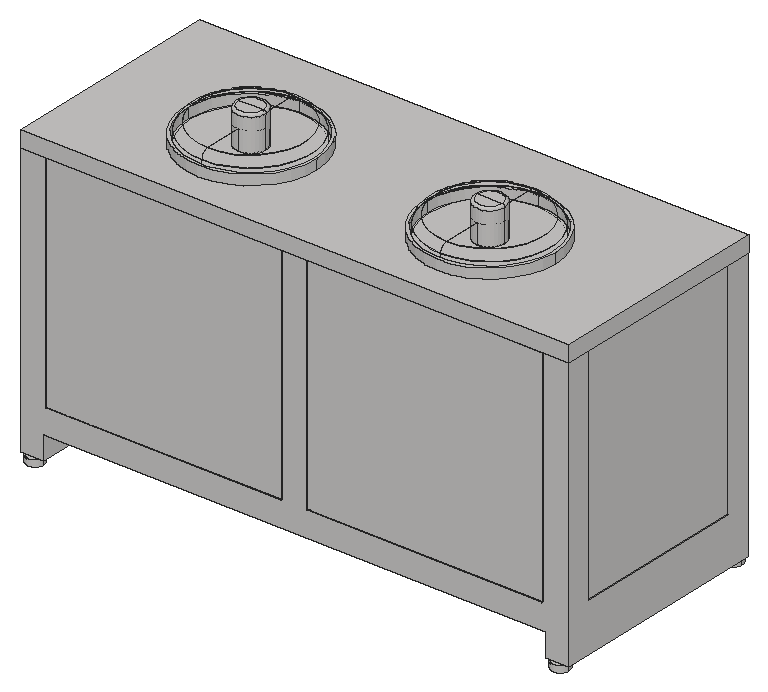
Revit family "QF_NuovAIR_CU-N300T2----", category Specialty Equipment, Revit 2019
Family settings
  Round Connector Dimension = Use Diameter
  Part Type = Normal
  Work Plane-Based = No
  Always vertical = Yes
  Cut with Voids When Loaded = No
  Shared = No
  Room Calculation Point = No
Parameters (values of type "CU-N300T2_400V 50A")
  Weight = 571.00 kg
  Volts = 400 V
  Volt Free Conn = no
  URL Manufacturer = "https://www.nuovair.com/"
  URL Cutsheet = "N300T2-en-1.pdf"
  URL = ""
  Show Logo [instance] = yes
  Show Clearance [instance] = no
  Refrigeration Suction Line Size = 42 mm
  Refrigeration Liquid Line Size = 22 mm
  Refrigeration Energy Efficiency Index = ""
  Refrigeration Climate Class = ""
  Refrigerant Type = "R452a"
  Refrigerant Compressor Remote = no
  Potential Equalisation = yes
  Phase = 3
  Number of Poles = 3
  Model = "CU-N300T2"
  Mat_Legs = QF_Stainless-Brushed
  Mat_Clearance = QF_Clearance
  Mat_Case = QF_Stainless-Brushed
  Masterspec = ""
  Manufacturer = "NUOVAIR"
  Main switch integrated = no
  Length Actual = 2200 mm  # constant formula
  Legs_R = 35 mm  # constant formula
  Keynote = "0"
  Item Number = "CU-N300T2"
  Identify Quantity as Lot = no
  Horse Power = "20"
  Height Actual = 1325 mm  # constant formula
  Foodservice Equipment Identifier = yes
  Energy Efficiency Labelling = ""
  FL Amps = 34 A
  Electric power = 17000000 W
  Elec Connection Height = 400 mm
  Ele_Note = ""
  Direct Waste Size = 0 mm
  Direct Waste Connection Height = 0 mm
  Description = "Condensing Unit"
  Description_FR = ""
  Description_ES = ""
  Description_EN = ""
  Description_DE = ""
  Depth Actual = 900 mm  # constant formula
  Cycle = 50 Hz
  Conn Plug = "terminal block"
  CE Approved = yes
  Author = ""
  Accessory = no
Types (3, lengths in mm): name | Volts | FL Amps | Cycle
  CU-N300T2_400V 50A | 400 V | 34 A | 50 Hz
  CU-N300T2_440V 60A | 440 V | 37.5 A | 60 Hz
  CU-N300T2_230V 60A | 230 V | 71 A | 60 Hz
Reference planes
  plane 1 "Center (Front/Back)": y = 0
  plane 2: z = 0
  plane 3 "Center (Left/Right)": x = 0
  plane 4 "SX": x = -1100
  plane 5 "DX": x = 1100
  plane 6: y = -900
  plane 7: y = -1400
  plane 8 "top": z = 1325
  plane 9: y = 500
  plane 10: x = 1600
  plane 11: x = -1600
  plane 12 "Base": z = 120
  plane 13: z = 1120
  plane 14 "Logo_N": z = 25
  plane 15: x = -1056
  plane 16: x = 1056
  plane 17: y = -15
  plane 18: y = -885
  plane 19: z = 1185
  plane 20 "Ventilator_X_01": x = -480
  plane 21 "Ventilator_X_02": x = 480
  plane 22 "Ventilatyor_Y": y = -520
  plane 23: z = 220
  plane 24: y = -100
  plane 25: y = -800
  plane 26: x = -1000
  plane 27: x = -50
  plane 28: x = 50
  plane 29: x = 1000
Forms (mm)
  Extrusion 1, solid, material "QF_Clearance" <- "Mat_Clearance", visible <- "Show Clearance"
    sketch origin (0, 0, 0) x (1, 0, 0) y (0, 1, 0)
      loop
        line (-1100, 500) -> (-1100, -1400) -> (1100, -1400) -> (1100, 500) -> (-1100, 500)
    from 0 to 1325
  Extrusion 2, solid, material "QF_Clearance" <- "Mat_Clearance", visible <- "Show Clearance"
    sketch origin (0, 0, 0) x (1, 0, 0) y (0, 1, 0)
      loop
        line (-1100, 0) -> (-1100, -900) -> (1100, -900) -> (1100, 0) -> (-1100, 0)
    from 0 to 1325
  Extrusion 3, solid, material "QF_Stainless-Brushed" <- "Mat_Case", detail levels medium+fine
    sketch origin (0, 0, 120) x (-1, 0, 0) y (0, -1, 0)
      loop
        line (1100, 0) -> (1100, 900) -> (-1100, 900) -> (-1100, 0) -> (1100, 0)
    from 0 to 1000
  Extrusion 4, solid, material "QF_Clearance", visible <- "Show Clearance"
    sketch origin (0, 0, 0) x (1, 0, 0) y (0, 1, 0)
      loop
        line (-1600, -900) -> (1600, -900) -> (1600, 0) -> (-1600, 0) -> (-1600, -900)
    from 0 to 1325
  Extrusion 5, solid, material "QF_Stainless-Brushed" <- "Mat_Legs", detail levels medium+fine
    sketch origin (0, 0, 0) x (1, 0, 0) y (0, 1, 0)
      loop
        circle (-1056, -15) r 35
      loop
        circle (1056, -15) r 35
      loop
        circle (-1056, -885) r 35
      loop
        circle (1056, -885) r 35
    from 0 to 25
  Extrusion 6, solid, material "QF_Stainless-Brushed" <- "Mat_Case", detail levels medium+fine
    sketch origin (0, 0, 120) x (-1, 0, 0) y (0, -1, 0)
      loop
        line (1100, 900) -> (1010, 900) -> (1010, 0) -> (1100, 0) -> (1100, 900)
      loop
        line (-1010, 900) -> (-1100, 900) -> (-1100, 0) -> (-1010, 0) -> (-1010, 900)
    from -95 to 0
  Extrusion 7, solid, material "QF_Stainless-Brushed", detail levels medium+fine
    sketch origin (-1430.553, -1524, 1120) x (-1, 0, 0) y (0, -1, 0)
      loop
        line (-328.553, -1526) -> (-328.553, -622) -> (-2532.553, -622) -> (-2532.553, -1526) -> (-328.553, -1526)
    from 0 to 65
  Sweep 8, void
    path origin (-909.885, -900, 4000) x (-1, 0, 0) y (0, 0, 1)
      loop
        line (90.115, -2880) -> (90.115, -3780) -> (-859.885, -3780) -> (-859.885, -2880)
    profile "PRF_scalpel : PRF_scalpel" origin (-1000, -900, 670) x (-1, 0, 0) y (0, 1, 0)
      loop
        line (0, 1) -> (-2, -1) -> (-2, -51) -> (2, -51) -> (2, -1) -> (0, 1)
  Sweep 9, void
    path origin (950.115, -900, 4000) x (-1, 0, 0) y (0, 0, 1)
      loop
        line (-49.885, -2880) -> (-49.885, -3780) -> (900.115, -3780) -> (900.115, -2880)
    profile "PRF_scalpel : PRF_scalpel" origin (1000, -900, 670) x (-1, 0, 0) y (0, 1, 0)
      loop
        line (0, 1) -> (-2, -1) -> (-2, -51) -> (2, -51) -> (2, -1) -> (0, 1)
  Sweep 10, void
    path origin (0, 0, 0) x (1, 0, 0) y (0, 0, 1)
      loop
        line (1000, 1120) -> (1000, 220) -> (50, 220) -> (50, 1120)
    profile "PRF_scalpel : PRF_scalpel" origin (1000, 0, 670) x (1, 0, 0) y (0, -1, 0)
      loop
        line (0, 1) -> (-2, -1) -> (-2, -51) -> (2, -51) -> (2, -1) -> (0, 1)
  Sweep 11, void
    path origin (-1860, 0, 0) x (1, 0, 0) y (0, 0, 1)
      loop
        line (860, 1120) -> (860, 220) -> (1810, 220) -> (1810, 1120)
    profile "PRF_scalpel : PRF_scalpel" origin (-1000, 0, 670) x (1, 0, 0) y (0, -1, 0)
      loop
        line (0, 1) -> (-2, -1) -> (-2, -51) -> (2, -51) -> (2, -1) -> (0, 1)
  Sweep 12, void
    path origin (-1100, -279.553, 4000) x (0, 1, 0) y (0, 0, 1)
      loop
        line (-520.447, -2880) -> (-520.447, -3780) -> (179.553, -3780) -> (179.553, -2880)
    profile "PRF_scalpel : PRF_scalpel" origin (-1100, -800, 670) x (0, 1, 0) y (1, 0, 0)
      loop
        line (0, 1) -> (-2, -1) -> (-2, -51) -> (2, -51) -> (2, -1) -> (0, 1)
  Sweep 13, void
    path origin (1100, 640.447, 4000) x (0, 1, 0) y (0, 0, 1)
      loop
        line (-740.447, -2880) -> (-740.447, -3780) -> (-1440.447, -3780) -> (-1440.447, -2880)
    profile "PRF_scalpel : PRF_scalpel" origin (1100, -100, 670) x (0, 1, 0) y (1, 0, 0)
      loop
        line (0, -1) -> (2, 1) -> (2, 51) -> (-2, 51) -> (-2, 1) -> (0, -1)
Cuts and joins
  joined: Extrusion 1, Extrusion 2
  Sweep 8, Sweep 9, Sweep 10, Sweep 11, Sweep 12, Sweep 13 cuts Extrusion 3
  joined: Extrusion 3, Extrusion 6
Lines and regions (mm)
  model lines, style "InvisibleLines"
    curve 1: line (-50, 0, 0) -> (50, 0, 0)
    curve 2: line (0, 50, 0) -> (0, -50, 0)
  model lines, style "QF_Case", detail levels coarse
    curve 3: line (-1100, 0, 0) -> (1100, 0, 0)
    curve 4: line (-1100, -900, 0) -> (-1100, 0, 0)
    curve 5: line (1100, -900, 0) -> (-1100, -900, 0)
    curve 6: line (1100, 0, 0) -> (1100, -900, 0)
    curve 7: line (1100, -900, 1325) -> (1100, -900, 0)
    curve 8: line (1100, 0, 1325) -> (1100, 0, 0)
    curve 9: line (-1100, -900, 1325) -> (-1100, -900, 0)
    curve 10: line (-1100, 0, 1325) -> (-1100, 0, 0)
    curve 11: line (-1100, 0, 1325) -> (1100, 0, 1325)
    curve 12: line (-1100, -900, 1325) -> (-1100, 0, 1325)
    curve 13: line (1100, -900, 1325) -> (-1100, -900, 1325)
    curve 14: line (1100, 0, 1325) -> (1100, -900, 1325)
Dimensions and locks
  curve 1 to plane 3 "Center (Left/Right)" to curve 1 = 50 mm locked, 50 mm locked
  curve 2 to plane 1 "Center (Front/Back)" to curve 2 = 50 mm locked, 50 mm locked
  "Height Actual": plane 8 "top" to level
  "Depth Actual": plane 6 to plane 1 "Center (Front/Back)"
  equal spacing: plane 4 "SX", plane 3 "Center (Left/Right)", plane 5 "DX"
  "Length Actual": plane 4 "SX" to plane 5 "DX"
  plane 6 to plane 1 "Center (Front/Back)" = 900 mm
  locked: plane 1 "Center (Front/Back)" to plane 9 at 500
  locked: plane 6 to plane 7 at 500
  locked: plane 5 "DX" to plane 10 at 500
  locked: plane 11 to plane 4 "SX" at 500
  locked: plane 12 "Base" to Extrusion 4 at 120
  locked: plane 14 "Logo_N" to plane 2 at 25
  locked: plane 4 "SX" to plane 15 at 44
  locked: plane 16 to plane 5 "DX" at 44
  locked: plane 17 to plane 1 "Center (Front/Back)" at 15
  locked: plane 4 "SX" to Extrusion 6 sketch curve at 90
  locked: Extrusion 6 sketch curve to plane 5 "DX" at 90
  locked: Extrusion 7 sketch curve to plane 4 "SX" at 2
  locked: plane 5 "DX" to Extrusion 7 sketch curve at 2
  locked: plane 1 "Center (Front/Back)" to Extrusion 7 sketch curve at 2
  locked: plane 18 to plane 6 at 15
  locked: plane 13 to plane 12 "Base" at 1000
  locked: plane 19 to plane 13 at 65
  locked: plane 8 "top" to plane 19 at 140
  locked: plane 6 to Extrusion 7 sketch curve at 2
  locked: plane 20 "Ventilator_X_01" to plane 3 "Center (Left/Right)" at 480
  locked: plane 3 "Center (Left/Right)" to plane 21 "Ventilator_X_02" at 480
  locked: plane 22 "Ventilatyor_Y" to plane 6 at 380
  locked: plane 23 to plane 12 "Base" at 100
  locked: plane 24 to plane 1 "Center (Front/Back)" at 100
  locked: plane 25 to plane 6 at 100
  locked: plane 4 "SX" to plane 26 at 100
  locked: plane 4 "SX" to plane 27 at 1050
  locked: plane 29 to plane 5 "DX" at 100
  locked: plane 28 to plane 5 "DX" at 1050
  "Legs_R": radius of Extrusion 5 sketch curve  (x4)
  aligned and locked: level to plane 2
  aligned and locked: plane 4 "SX" to Extrusion 1 sketch curve
  aligned and locked: plane 7 to Extrusion 1 sketch curve
  aligned and locked: Extrusion 1 sketch curve to plane 5 "DX"
  aligned and locked: plane 8 "top" to Extrusion 1
  aligned and locked: plane 1 "Center (Front/Back)" to curve 3
  aligned and locked: plane 6 to curve 5
  aligned and locked: curve 6 to plane 5 "DX"
  aligned and locked: plane 4 "SX" to curve 4
  aligned and locked: plane 8 "top" to curve 8
  aligned and locked: plane 8 "top" to curve 7
  aligned and locked: plane 8 "top" to curve 10
  aligned and locked: plane 8 "top" to curve 9
  aligned and locked: level to curve 8
  aligned and locked: level to curve 7
  aligned and locked: level to curve 10
  aligned and locked: level to curve 9
  aligned and locked: curve 8 to plane 1 "Center (Front/Back)"
  aligned and locked: curve 10 to plane 1 "Center (Front/Back)"
  aligned and locked: plane 6 to curve 7
  aligned and locked: plane 6 to curve 9
  aligned and locked: plane 1 "Center (Front/Back)" to Extrusion 2 sketch curve
  aligned and locked: plane 6 to Extrusion 2 sketch curve
  aligned and locked: plane 8 "top" to Extrusion 2
  aligned and locked: plane 1 "Center (Front/Back)" to curve 11
  aligned and locked: plane 6 to curve 13
  aligned and locked: plane 1 "Center (Front/Back)" to Extrusion 3 sketch curve
  aligned and locked: Extrusion 3 sketch curve to plane 5 "DX"
  aligned and locked: plane 4 "SX" to Extrusion 3 sketch curve
  aligned and locked: Extrusion 1 sketch curve to plane 9
  aligned and locked: Extrusion 4 sketch curve to plane 11
  aligned and locked: plane 10 to Extrusion 4 sketch curve
  aligned and locked: Extrusion 4 sketch curve to plane 6
  aligned and locked: Extrusion 4 sketch curve to plane 1 "Center (Front/Back)"
  aligned and locked: plane 8 "top" to Extrusion 4
  aligned and locked: Extrusion 4 to level
  aligned and locked: Extrusion 3 to plane 12 "Base"
  aligned and locked: plane 13 to Extrusion 3
  aligned and locked: plane 15 to Extrusion 5 sketch curve  (x2)
  aligned and locked: plane 16 to Extrusion 5 sketch curve  (x2)
  aligned and locked: plane 18 to Extrusion 5 sketch curve  (x2)
  aligned and locked: plane 17 to Extrusion 5 sketch curve  (x2)
  aligned and locked: Extrusion 5 to level
  aligned and locked: plane 14 "Logo_N" to Extrusion 5
  aligned and locked: Extrusion 6 sketch curve to plane 4 "SX"
  aligned and locked: plane 5 "DX" to Extrusion 6 sketch curve
  aligned and locked: Extrusion 6 sketch curve to plane 1 "Center (Front/Back)"  (x2)
  aligned and locked: Extrusion 6 to plane 14 "Logo_N"
  aligned and locked: plane 12 "Base" to Extrusion 6
  aligned and locked: Extrusion 7 to plane 13
  aligned and locked: plane 5 "DX" to nested 3
  aligned and locked: plane 1 "Center (Front/Back)" to nested 3
  aligned and locked: Extrusion 6 sketch curve to plane 6  (x2)
  aligned and locked: plane 6 to Extrusion 3 sketch curve
  aligned and locked: plane 19 to Extrusion 7
  aligned and locked: plane 21 "Ventilator_X_02" to nested 5
  aligned and locked: plane 22 "Ventilatyor_Y" to nested 5
  aligned and locked: plane 22 "Ventilatyor_Y" to nested 4
  aligned and locked: nested 4 to plane 20 "Ventilator_X_01"
  aligned and locked: nested 1 to plane 4 "SX"
  aligned and locked: plane 6 to nested 1
  aligned and locked: nested 2 to plane 4 "SX"
  aligned and locked: plane 6 to nested 2
  aligned and locked: plane 13 to Sweep 8 sketch curve  (x2)
  aligned and locked: plane 23 to Sweep 8 sketch curve  (x2)
  aligned and locked: Sweep 8 sketch curve to plane 26
  aligned and locked: plane 13 to Sweep 9 sketch curve  (x2)
  aligned and locked: plane 23 to Sweep 9 sketch curve
  aligned and locked: Sweep 9 sketch curve to plane 29
  aligned and locked: plane 13 to Sweep 10 sketch curve  (x2)
  aligned and locked: plane 23 to Sweep 10 sketch curve  (x2)
  aligned and locked: plane 29 to Sweep 10 sketch curve
  aligned and locked: plane 13 to Sweep 11 sketch curve  (x2)
  aligned and locked: plane 23 to Sweep 11 sketch curve
  aligned and locked: plane 26 to Sweep 11 sketch curve
  aligned and locked: plane 13 to Sweep 12 sketch curve  (x2)
  aligned and locked: plane 23 to Sweep 12 sketch curve
  aligned and locked: plane 25 to Sweep 12 sketch curve
  aligned and locked: plane 13 to Sweep 13 sketch curve  (x2)
  aligned and locked: plane 23 to Sweep 13 sketch curve
  aligned and locked: Sweep 13 sketch curve to plane 24
  aligned and locked: Sweep 8 sketch curve to plane 27
  aligned and locked: Sweep 9 sketch curve to plane 28
  aligned and locked: Sweep 9 sketch curve to plane 23
  aligned and locked: plane 27 to Sweep 11 sketch curve
  aligned and locked: Sweep 11 sketch curve to plane 23
  aligned and locked: plane 28 to Sweep 10 sketch curve
  aligned and locked: Sweep 12 sketch curve to plane 23
  aligned and locked: plane 24 to Sweep 12 sketch curve
  aligned and locked: Sweep 13 sketch curve to plane 25
  aligned and locked: Sweep 13 sketch curve to plane 23
Automatic sketch dimensions
  curve 2 to plane 3 "Center (Left/Right)" = 0 mm
  plane 1 "Center (Front/Back)" to curve 1 = 0 mm
  curve 11 to plane 5 "DX" = 0 mm
  curve 13 to plane 4 "SX" = 0 mm
  Extrusion 2 sketch curve to plane 4 "SX" = 0 mm
  Extrusion 2 sketch curve to plane 5 "DX" = 0 mm
Nested families
  nested 1: "Connection_DxSx" at (-1100, -900, 882) x (-1, 0, 0) z (0, 0, 1), type "KTM", not visible
    with Width_DX 0 mm, Width Offset 0 mm, Depth Offset 60 mm, DX no
  nested 2: "Connection_DxSx" at (-1100, -900, 280) x (-1, 0, 0) z (0, 0, 1), type "KTM", not visible
    with Width_DX 0 mm, Width Offset 0 mm, Depth Offset 60 mm, DX no
  nested 3: "Connection_DxSx" at (1100, 0, 400), built-in parameter 1001364 <- "Elec Connection Height", type "KTM", not visible
    with Width_DX 0 mm, Width Offset 0 mm, Depth Offset 60 mm, DX no
  nested 4: "Ventilator_A" at (-480, -520, 1185) x (-1, 0, 0) z (0, 0, 1), Mat_A <- "Mat_Case", Mat_B <- "Mat_Case", type "Ventilator_A", detail levels medium+fine
    with Mat_C QF_Cross20x20, Mat_B QF_Stainless-Brushed, Mat_A QF_Stainless-Brushed
  nested 5: "Ventilator_A" at (480, -520, 1185) x (-1, 0, 0) z (0, 0, 1), Mat_A <- "Mat_Case", Mat_B <- "Mat_Case", type "Ventilator_A", detail levels medium+fine
    with Mat_C QF_Cross20x20, Mat_B QF_Stainless-Brushed, Mat_A QF_Stainless-Brushed
Connectors
  piping at (-1100.5, -840, 882), diameter 42, driven by "Refrigeration Suction Line Size"
    settings: on nested 1, index 3, connector inside diameter 609.6 mm, connector length 0 mm, flow factor 0, pipe flow 0.0 L/s, pressure drop 0.0 Pa, fitting loss kfactor 0, connector angle 0.00°, fixture units 0, engagement length 0 mm, angle of deflection 0.00°, flow configuration 0, flow direction 1, fitting loss method 0, system type 7, joint type 0, gender type 0, connector reference index -1, connector utility 0, adjustable connector no, is connector primary yes, connector description "Suction Line"
  piping at (-1100.5, -840, 280), diameter 22, driven by "Refrigeration Liquid Line Size"
    settings: on nested 2, index 4, connector inside diameter 609.6 mm, connector length 0 mm, flow factor 0, pipe flow 0.0 L/s, pressure drop 0.0 Pa, fitting loss kfactor 0, connector angle 0.00°, fixture units 0, engagement length 0 mm, angle of deflection 0.00°, flow configuration 0, flow direction 2, fitting loss method 0, system type 22, joint type 0, gender type 0, connector reference index -1, connector utility 0, adjustable connector no, is connector primary no, connector description "Liquid Line"
  electrical at (1100.5, -60, 400), driven by "Number of Poles", driven by "Volts", driven by "Electric power", driven by "Ele_Note"
    settings: on nested 3, index 5, voltage 400 V, apparent load 17000000 VA, apparent load phase1 0 VA, apparent load phase2 0 VA, apparent load phase3 0 VA, power factor 1, load classification "Power", number of poles 3, system type 30, power factor state 1, is connector primary yes, connector utility no, sub classification motor no, connector description ""
Definition of nested family "Connection_DxSx"
  Parameters (values of type "KTM")
    Width_DX [instance] = if(DX, Width Offset * 2, 0 mm)  # 120 mm
    Width Offset [instance] = 60 mm
    Manufacturer = "Gjiom by www.RevitLandia.com"  # constant formula
    Depth Offset [instance] = 50 mm
    Default Elevation = 0 mm
    DX [instance] = yes
  Reference planes
    plane 1 "Center (Front/Back)": y = 0
    plane 2: z = 0
    plane 3 "Center (Left/Right)": x = 0
    plane 4 "Depth Offset": y = -50
    plane 5: x = 60
    plane 6: x = -60
  Forms (mm)
    Extrusion 1, solid
      sketch origin (0, 0, 0) x (1, 0, 0) y (0, 1, 0)
        loop
          circle (60, -50) r 15
      from -0.5 to 0.5
    Extrusion 2, solid
      sketch origin (0, -50, 0) x (-1, 0, 0) y (0, 0, 1)
        loop
          circle (-60, 0) r 15
      from -0.5 to 0.5
    Extrusion 3, solid
      sketch origin (60, 93.537, 4000) x (0, 1, 0) y (0, 0, 1)
        loop
          circle (-143.537, -4000) r 15
      from -0.5 to 0.5
  Lines and regions (mm)
    model lines
      curve 1: line (0, 0, 0) -> (0, -20, 0)
  Dimensions and locks
    "Depth Offset": plane 1 "Center (Front/Back)" to plane 4 "Depth Offset"
    "Width Offset": plane 6 to plane 3 "Center (Left/Right)"
    "Width_DX": plane 6 to plane 5
    aligned and locked: level to plane 2
    aligned and locked: plane 4 "Depth Offset" to Extrusion 1 sketch curve
    aligned and locked: level to Extrusion 2 sketch curve
    aligned and locked: level to Extrusion 3 sketch curve
    aligned and locked: plane 4 "Depth Offset" to Extrusion 3 sketch curve
    aligned and locked: plane 5 to Extrusion 1 sketch curve
    aligned and locked: plane 5 to Extrusion 2 sketch curve
  Automatic sketch dimensions
    curve 1 to plane 3 "Center (Left/Right)" = 0 mm
    plane 1 "Center (Front/Back)" to curve 1 = 0 mm
    plane 1 "Center (Front/Back)" to curve 1 = 20 mm
    radius of Extrusion 1 sketch curve = 15 mm
    radius of Extrusion 2 sketch curve = 15 mm
    radius of Extrusion 3 sketch curve = 15 mm
Definition of nested family "Ventilator_A"
  Parameters (values of type "Ventilator_A")
    Mat_C [instance] = none
    Mat_A [instance] = none
    Default Elevation = 1219.2 mm
    Mat_B [instance] = none
  Reference planes
    plane 1 "Centro (Fronte/Retro)": y = 0
    plane 2: z = 0
    plane 3 "Centro (Sinistra/Destra)": x = 0
    plane 4: z = 40
    plane 5: z = 80
    plane 6: z = 140
  Forms (mm)
    Extrusion 1, solid, material <- "Mat_A"
      sketch origin (0, 0, 0) x (1, 0, 0) y (0, 1, 0)
        loop
          circle (0, 0) r 265
        loop
          circle (0, 0) r 255
      from 0 to 40
    Revolve 2, solid, material <- "Mat_B"
      sketch origin (0, 0, 0) x (1, 0, 0) y (0, 0, 1)
        loop
          arc (-50, 140) -> (-57.071, 137.071) -> (-60, 130) r 10
          line (-60, 130) -> (-60, 0) -> (0, 0) -> (0, 140) -> (-50, 140)
        axis (0, 140) -> (0, 0)
      angle from 0 to 360
    Revolve 3, solid, material <- "Mat_C"
      sketch origin (0, 0, 0) x (0, 1, 0) y (0, 0, 1)
        loop
          arc (-215, 80) -> (-236.213, 71.213) -> (-245, 50) r 30
          line (-245, 50) -> (-245, 0) -> (-60, 0) -> (-60, 80) -> (-215, 80)
        axis (0, 0) -> (0, 80)
      angle from 0 to 360
  Dimensions and locks
    locked: plane 4 to level at 40
    locked: plane 5 to level at 80
    locked: plane 6 to level at 140
    locked: plane 3 "Centro (Sinistra/Destra)" to Revolve 2 sketch curve at 60
    locked: Revolve 3 sketch curve to plane 1 "Centro (Fronte/Retro)" at 60
    locked: Revolve 3 sketch curve to plane 1 "Centro (Fronte/Retro)" at 245
    aligned and locked: level to plane 2
    aligned and locked: plane 3 "Centro (Sinistra/Destra)" to Extrusion 1 sketch curve  (x2)
    aligned and locked: plane 1 "Centro (Fronte/Retro)" to Extrusion 1 sketch curve  (x2)
    aligned and locked: Extrusion 1 to level
    aligned and locked: plane 4 to Extrusion 1
    aligned and locked: Revolve 2 sketch curve to plane 3 "Centro (Sinistra/Destra)"  (x2)
    aligned and locked: Revolve 2 sketch curve to plane 6
    aligned and locked: level to Revolve 2 sketch curve
    aligned and locked: Revolve 3 sketch curve to plane 5
    aligned and locked: plane 2 to Revolve 3 sketch curve
    aligned and locked: Revolve 3 sketch curve to plane 1 "Centro (Fronte/Retro)"
